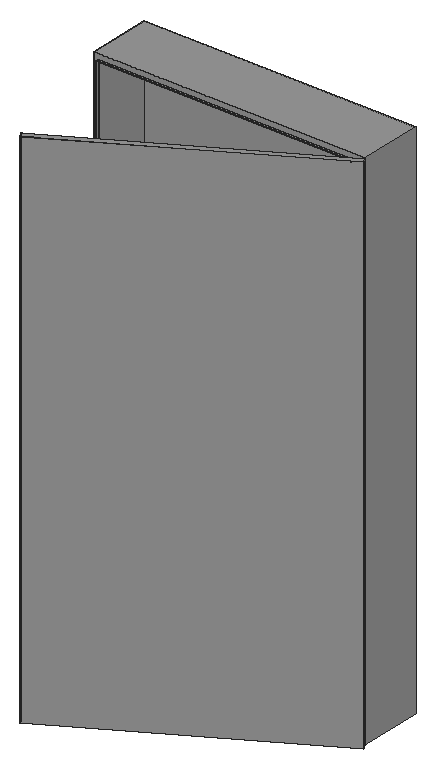
Revit family "Hager-Univers-IP54-D205-H1550-Cl.I-encl-NoHosted-DE-de", category Equipement électrique, Revit 2020
Family settings
  Configuration du panneau = Deux colonnes, circuits au sein
  Cote de connecteur circulaire = Utiliser le diamètre
  Type d'élément = Tableau de raccordement
  Basée sur le plan de construction = Oui
  Toujours verticalement = Oui
  Couper avec des vides une fois chargée = Non
  Partagée = Non
  Point de calcul de pièce = Non
Parameters (values of type "Aufputz IP54 B800 H1550 T205  - FP03TW2")
  Width Control [instance] = if([EF000008 - Breite] > Min Width, [EF000008 - Breite], Min Width)  # 800 mm
  Commentaires du type = [HG000003 - Bereich]  # "Univers"
  Thickness Door [instance] = if([EF009171 - Materialstärke Tür/Deckel] > 3 mm, 3 mm, [EF009171 - Materialstärke Tür/Deckel])  # 1 mm
  Seal Frame Offset [instance] = 17 mm  # constant formula
  Plinth Visibility [instance] = [HG000027 - Sockelhöhe] > 0 mm  # no
  Min Width [instance] = 100 mm  # constant formula
  Min Depth [instance] = (2 * [EF009170 - Materialstärke Gehäuse]) + 1 mm  # 3 mm
  Min Height [instance] = 100 mm  # constant formula
  Internal Frame Depth [instance] = (Door System Depth * 0.5)  # 9 mm
  Panel Name [instance] = ""  # (empty or 0)
  Model = ""
  HG000027 - Sockelhöhe = 0 mm
  HG000026 - Stehend auf dem Boden = no
  HG000024 - Höhe des unteren Teils = 600 mm
  HG000023 - Gehäuse mit doppeltem Querschnitt = no
  HG000016 - 3D-Türsichtbarkeit [instance] = yes
  HG000015 - Sichtbarkeit der Türöffnung [instance] = no
  HG000014 - Tür rechts [instance] = yes
  HG000013 - Tür links [instance] = not([HG000014 - Tür rechts])  # no
  HG000012 - Türschwenkwinkel [instance] = 30.00°
  HG000010 - Asymmetrische Türen = no
  HG000009 - Doppelflügeligen Tür = no
  HG000006 - Unterputz = no
  HG000004 - Herstellerreferenz = "FP03TW2"
  HG000003 - Bereich = "Univers"
  HG000002 - Mit tür = yes
  Frame Offset Bottom [instance] = 10 mm  # constant formula
  Frame Offset [instance] = 15 mm  # constant formula
  EF015940 - Deckel mit Überdruckentlastung = no
  EF011959 - Schutzart (NEMA) = ""
  EF009554 - Anzahl der Öffnungen für Flanschplatten = 6
  EF009212 - Ausführung Deckel = "EV000116 - geschlossen"
  EF009171 - Materialstärke Tür/Deckel = 1 mm
  EF009170 - Materialstärke Gehäuse = 1 mm
  EF008873 - Nennstrom (In) = 250 A
  EF007800 - Geeignet für Blitzschutz = no
  EF006306 - Mit Schloss = no
  EF006244 - Transparenter Deckel/Tür = no
  EF005474 - Schutzart (IP) = "EV006419 - IP54"
  EF004464 - Art der Tür = "EV002646 - Einzel"
  EF004427 - Anzahl der Module = 360
  EF004293 - Schlagfestigkeit = "EV006815 - IK09"
  EF003532 - Geeignet für Außengebrauch = no
  EF002950 - Breite in Teilungseinheiten = 36
  EF001613 - Funktionserhalt = "EV000494 - ohne"
  EF001596 - Werkstoff des Gehäuses = "EV000179 - Stahl"
  EF001131 - Innentiefe = 205 mm
  EF001088 - Anbaumöglichkeit = yes
  EF000437 - Anzahl der Leitungseinführungen = 6
  EF000339 - Art der Abdeckung = "EV001012 - Deckel"
  EF000266 - Anzahl der Reihen = 10
  EF000218 - Einbautiefe = 205 mm
  EF000118 - Mit Montageplatte = no
  EF000116 - RAL-Nummer = "9010"
  EF000049 - Tiefe = 205 mm
  EF000040 - Höhe = 1550 mm
  EF000008 - Breite = 800 mm
  EF000007 - Farbe = "EV000202 - weiß"
  EF000003 - Montageart = "EV000384 - Aufputz"
  Door System Leaf Tolerance [instance] = 1.5 mm  # constant formula
  Door System Depth [instance] = 18 mm  # constant formula
  Door Height [instance] = Height Control - [HG000027 - Sockelhöhe]  # 1550 mm
  Description = ""
  Default Elevation = 1219.2 mm
  Connector Offset [instance] = Height Control / 2  # 775 mm
  Fabricant = "Hager"  # constant formula
  Height Control [instance] = if([EF000040 - Höhe] > Min Height, [EF000040 - Höhe], Min Height)  # 1550 mm
  Depth Control [instance] = if([EF000049 - Tiefe] > Min Depth, [EF000049 - Tiefe], Min Depth)  # 205 mm
  Bottom Top Plate Trim [instance] = 1.5 mm  # constant formula
  Plinth height Ctrl [instance] = if([HG000027 - Sockelhöhe] > 0 mm, [HG000027 - Sockelhöhe], 12 mm)  # 12 mm
Types (7, lengths in mm): name | Width Control | HG000009 - Doppelflügeligen Tür | HG000004 - Herstellerreferenz | EF009554 - Anzahl der Öffnungen für Flanschplatten | EF008873 - Nennstrom (In) | EF004464 - Art der Tür | EF004427 - Anzahl der Module | EF002950 - Breite in Teilungseinheiten | EF000437 - Anzahl der Leitungseinführungen | EF000008 - Breite
  Aufputz IP54 B1300 H1550 T205  - FP05TW2 | 1300 | yes | "FP05TW2" | 10 | 400 A | "EV003602 - Doppel" | 600 | 60 | 10 | 1300
  Aufputz IP54 B300 H1550 T205  - FP01TW | 300 | no | "FP01TW" | 2 | 250 A | "EV002646 - Einzel" | 120 | 12 | 2 | 300
  Aufputz IP54 B300 H1550 T205  - FP01TW2 | 300 | no | "FP01TW2" | 2 | 250 A | "EV002646 - Einzel" | 120 | 12 | 2 | 300
  Aufputz IP54 B550 H1550 T205  - FP02TW | 550 | no | "FP02TW" | 4 | 250 A | "EV002646 - Einzel" | 240 | 24 | 4 | 550
  Aufputz IP54 B550 H1550 T205  - FP02TW2 | 550 | no | "FP02TW2" | 4 | 250 A | "EV002646 - Einzel" | 240 | 24 | 4 | 550
  Aufputz IP54 B800 H1550 T205  - FP03TW | 800 | no | "FP03TW" | 6 | 250 A | "EV002646 - Einzel" | 360 | 36 | 6 | 800
  Aufputz IP54 B800 H1550 T205  - FP03TW2 | 800 | no | "FP03TW2" | 6 | 250 A | "EV002646 - Einzel" | 360 | 36 | 6 | 800
Reference planes
  plane 1 "Center (Front/Back)": y = 0
  plane 2: z = 0
  plane 3 "Center (Left/Right)": x = 0
  plane 4: y = 0
  plane 5: y = 0
  plane 6: z = 0
  plane 7: x = -400
  plane 8: x = 400
  plane 9: x = 399
  plane 10: x = -399
  plane 11: z = 0
  plane 12: z = 1
  plane 13: y = -205
  plane 14: y = -1
  plane 15: x = 0
  plane 16: y = -187
  plane 17: y = -204
  plane 18: y = -186
  plane 19: x = -384
  plane 20: x = 384
  plane 21: z = 11
  plane 22: x = -383
  plane 23: x = 383
  plane 24: z = 0
  plane 25: z = 1550
  plane 26: z = 1550
  plane 27: z = 1534
  plane 28: z = 1549
Forms (mm)
  Extrusion 1, solid, material "Hager_Steel_RAL7035_Light_Grey", detail levels medium+fine
    sketch origin (-208.679, -4572, 0) x (-1, 0, 0) y (0, -1, 0)
      loop
        line (191.321, -4385) -> (-608.679, -4385) -> (-608.679, -4572) -> (191.321, -4572) -> (191.321, -4385)
    from 0 to 1550
  Extrusion 2, void
    sketch origin (-350.771, -205, 1219.2) x (1, 0, 0) y (0, 0, 1)
      loop
        line (-48.229, 329.8) -> (-48.229, -1218.2) -> (749.771, -1218.2) -> (749.771, 329.8) -> (-48.229, 329.8)
    from -19 to -204
  Extrusion 3, void
    sketch origin (-290.084, -187, 1219.2) x (1, 0, 0) y (0, 0, 1)
      loop
        line (-93.916, -1208.2) -> (674.084, -1208.2) -> (674.084, 314.8) -> (-93.916, 314.8) -> (-93.916, -1208.2)
    from 0 to -1
  Extrusion 4, solid, material "Hager_Steel_RAL7035_Light_Grey", visible <- "Plinth Visibility", detail levels medium+fine
    sketch origin (0, 0, 0) x (1, 0, 0) y (0, 1, 0)
      loop
        line (-400, 0) -> (-400, -187) -> (400, -187) -> (400, 0) -> (-400, 0)
    from 0 to 12 <- "Plinth height Ctrl"
  Extrusion 5, solid, material "Hager_Steel_RAL7035_Light_Grey", detail levels coarse
    sketch origin (0, 0, 0) x (1, 0, 0) y (0, 1, 0)
      loop
        line (-400, 0) -> (-400, -205) -> (400, -205) -> (400, 0) -> (-400, 0)
    from 0 to 1550 <- "Height Control"
  Sweep 6, void
    path in 3D
      loop
        line (-400, -187, 12) -> (400, -187, 12) -> (400, 0, 12) -> (-400, 0, 12) -> (-400, -187, 12)
    profile origin (-400, -93.5, 12) x (1, 0, 0) y (0, 0, 1)
      loop
        line (0, 0) -> (0, -1.5) -> (1.5, -1.5)
        arc (1.5, -1.5) -> (1.061, -0.439) -> (0, 0) r 1.5
  Extrusion 7, solid, material "Hager_Steel_RAL7035_Light_Grey", detail levels fine
    sketch origin (-400, -187, 0) x (1, 0, 0) y (0, 0, 1)
      loop
        line (16, 11) -> (784, 11) -> (784, 1534) -> (16, 1534) -> (16, 11)
      loop
        line (15, 10) -> (785, 10) -> (785, 1535) -> (15, 1535) -> (15, 10)
    from 0 to 9 <- "Internal Frame Depth"
Cuts and joins
  Extrusion 2, Extrusion 3 cuts Extrusion 1
  Sweep 6 cuts Extrusion 4
Lines and regions (mm)
  Masking region 1
    outline origin (0, 0, 0) x (1, 0, 0) y (0, 1, 0)
      loop
        line (-400, 0) -> (-400, -205) -> (400, -205) -> (400, 0) -> (-400, 0)
  Masking region 2, detail levels coarse
    outline origin (-290.084, -187, 1219.2) x (-1, 0, 0) y (0, 0, 1)
      loop
        line (-690.084, -1219.2) -> (109.916, -1219.2) -> (109.916, 330.8) -> (-690.084, 330.8) -> (-690.084, -1219.2)
  Masking region 3, detail levels coarse
    outline origin (0, 0, 0) x (0, 1, 0) y (0, 0, 1)
      loop
        line (0, 0) -> (0, 1550) -> (-205, 1550) -> (-205, 0) -> (0, 0)
  Masking region 4, visible <- "Plinth Visibility", detail levels medium+fine
    outline origin (0, 0, 0) x (0, 1, 0) y (0, 0, 1)
      loop
        line (-1.5, 12) -> (-185.5, 12)
        arc (-185.5, 12) -> (-185.939, 10.939) -> (-187, 10.5) r 1.5
        line (-187, 10.5) -> (-187, 0) -> (0, 0) -> (0, 10.5)
        arc (0, 10.5) -> (-1.061, 10.939) -> (-1.5, 12) r 1.5
  Masking region 5, detail levels medium+fine
    outline origin (0, 0, 594.038) x (0, 1, 0) y (0, 0, 1)
      loop
        line (0, -594.038) -> (0, 955.962) -> (-187, 955.962) -> (-187, -594.038) -> (0, -594.038)
  Masking region 6, detail levels medium+fine
    outline origin (-359.7, -187, 1211.883) x (-1, 0, 0) y (0, 0, 1)
      loop
        line (-759.7, -1211.883) -> (40.3, -1211.883) -> (40.3, 338.117) -> (-759.7, 338.117) -> (-759.7, -1211.883)
  Masking region 7, visible <- "Plinth Visibility", detail levels medium+fine
    outline origin (-320.334, -187, 1041.368) x (-1, 0, 0) y (0, 0, 1)
      loop
        line (-720.334, -1041.368) -> (79.666, -1041.368) -> (79.666, -1030.868)
        arc (79.666, -1030.868) -> (78.606, -1030.429) -> (78.166, -1029.368) r 1.5
        line (78.166, -1029.368) -> (-718.834, -1029.368)
        arc (-718.834, -1029.368) -> (-719.273, -1030.429) -> (-720.334, -1030.868) r 1.5
        line (-720.334, -1030.868) -> (-720.334, -1041.368)
  sketch lines
    curve 1: line (-400, 0, 12) -> (-400, -187, 12)
    curve 2: line (-400, -187, 12) -> (400, -187, 12)
    curve 3: line (400, 0, 12) -> (-400, 0, 12)
    curve 4: line (400, -187, 12) -> (400, 0, 12)
Dimensions and locks
  locked: plane 1 "Center (Front/Back)" to plane 5
  "EF009170 - Materialstärke Gehäuse": plane 7 to plane 10
  "EF009170 - Materialstärke Gehäuse": plane 8 to plane 9
  equal spacing: plane 7, plane 3 "Center (Left/Right)", plane 8
  "Width Control": plane 7 to plane 8
  "Depth Control": plane 4 to plane 13
  "EF009170 - Materialstärke Gehäuse": plane 4 to plane 14
  "Height Control": plane 25 to level
  "HG000027 - Sockelhöhe": plane 11 to level
  "EF009170 - Materialstärke Gehäuse": plane 12 to plane 11
  "EF009170 - Materialstärke Gehäuse": plane 17 to plane 13
  "EF009170 - Materialstärke Gehäuse": plane 18 to plane 16
  "Frame Offset Bottom": plane 21 to plane 12
  "Frame Offset": plane 10 to plane 19
  "Frame Offset": plane 9 to plane 20
  "Door System Depth": plane 16 to plane 13
  "Seal Frame Offset": plane 7 to plane 22
  "Seal Frame Offset": plane 8 to plane 23
  "EF009170 - Materialstärke Gehäuse": plane 26 to plane 28
  "Frame Offset": plane 28 to plane 27
  "Connector Offset": plane 2 to connector elem
  "Bottom Top Plate Trim": profile plane to Sweep 6 sketch curve
  "Bottom Top Plate Trim": Sweep 6 sketch curve to Sweep 6 sketch curve
  "Plinth height Ctrl": Masking region 4 sketch curve to level
  "Plinth height Ctrl": Masking region 7 sketch curve to level
  "Thickness Door": Extrusion 7 sketch curve to Extrusion 7 sketch curve  (x4)
  "Bottom Top Plate Trim": radius of Sweep 6 sketch curve
  "Bottom Top Plate Trim": radius of Masking region 4 sketch curve  (x2)
  "Bottom Top Plate Trim": radius of Masking region 7 sketch curve  (x2)
  aligned and locked: Extrusion 2 sketch curve to plane 12
  aligned and locked: Extrusion 2 sketch curve to plane 9
  aligned and locked: Extrusion 2 sketch curve to plane 10
  aligned and locked: Extrusion 2 to plane 14
  aligned and locked: Extrusion 1 sketch curve to plane 4
  aligned and locked: plane 8 to Extrusion 1 sketch curve
  aligned and locked: plane 7 to Extrusion 1 sketch curve
  aligned and locked: Extrusion 2 to plane 18
  aligned and locked: Extrusion 3 sketch curve to plane 19
  aligned and locked: plane 20 to Extrusion 3 sketch curve
  aligned and locked: Extrusion 3 to Extrusion 2
  aligned and locked: Extrusion 3 sketch curve to plane 21
  aligned and locked: plane 3 "Center (Left/Right)" to nested 1
  aligned and locked: Extrusion 1 sketch curve to plane 16
  aligned and locked: Extrusion 4 sketch curve to cut or joined group of Extrusion 1, Extrusion 2, Extrusion 3
  aligned and locked: Masking region 1 sketch curve to plane 7
  aligned and locked: Masking region 1 sketch curve to plane 5
  aligned and locked: Masking region 1 sketch curve to plane 8
  aligned and locked: Masking region 2 sketch curve to level
  aligned and locked: level to Masking region 3 sketch curve
  aligned and locked: plane 1 "Center (Front/Back)" to Masking region 3 sketch curve
  aligned and locked: plane 13 to Masking region 3 sketch curve
  aligned and locked: plane 5 to Masking region 4 sketch curve
  aligned and locked: Masking region 2 sketch curve to plane 8
  aligned and locked: Masking region 2 sketch curve to plane 7
  aligned and locked: plane 7 to nested 2
  aligned and locked: nested 2 to plane 5
  aligned and locked: plane 5 to Masking region 5 sketch curve
  aligned and locked: plane 26 to Masking region 5 sketch curve
  aligned and locked: Extrusion 5 sketch curve to plane 8
  aligned and locked: Extrusion 5 sketch curve to plane 7
  aligned and locked: Extrusion 5 sketch curve to plane 5
  aligned and locked: Extrusion 3 sketch curve to plane 27
  aligned and locked: Extrusion 2 sketch curve to plane 28
  aligned and locked: Masking region 2 to plane 25
  aligned and locked: Extrusion 4 to plane 16
  aligned and locked: profile plane to Sweep 6 sketch curve
  aligned and locked: Masking region 5 sketch curve to plane 24
  aligned and locked: level to Masking region 4 sketch curve
  aligned and locked: Masking region 1 to plane 13
  aligned and locked: nested 1 to plane 16
  aligned and locked: Masking region 3 to plane 25
  aligned and locked: plane 16 to Masking region 4 sketch curve
  aligned and locked: Masking region 5 sketch curve to plane 16
  aligned and locked: plane 24 to plane 11
  aligned and locked: plane 26 to plane 25
  aligned and locked: plane 26 to cut or joined group of Extrusion 1, Extrusion 2, Extrusion 3
  aligned and locked: nested 1 to plane 24
  aligned and locked: Extrusion 1 to Extrusion 3
  aligned and locked: Masking region 6 sketch curve to plane 8
  aligned and locked: Masking region 6 sketch curve to plane 24
  aligned and locked: Masking region 6 sketch curve to plane 7
  aligned and locked: Masking region 6 sketch curve to plane 26
  aligned and locked: Masking region 7 sketch curve to plane 7
  aligned and locked: level to Masking region 7 sketch curve
  aligned and locked: Masking region 7 sketch curve to plane 8
  aligned and locked: Extrusion 7 sketch curve to cut or joined group of Extrusion 1, Extrusion 2, Extrusion 3  (x4)
Automatic sketch dimensions
  plane 19 to Extrusion 3 sketch curve = 0 mm
  Extrusion 3 sketch curve to plane 20 = 0 mm
  Extrusion 3 sketch curve to plane 21 = 0 mm
  Extrusion 4 sketch curve to plane 7 = 0 mm
  Extrusion 4 sketch curve to plane 8 = 0 mm
  Extrusion 4 sketch curve to plane 16 = 0 mm
  Masking region 1 sketch curve to plane 13 = 0 mm
  Masking region 2 sketch curve to plane 25 = 0 mm
  Masking region 3 sketch curve to plane 25 = 0 mm
  Extrusion 5 sketch curve to plane 13 = 0 mm
  profile plane to Sweep 6 sketch curve = 0 mm
Nested families
  nested 1: "EC000058_Univers_Door" at (0, -187, 0), Double <- "HG000009 - Doppelflügeligen Tür", Transparent <- "EF006244 - Transparenter Deckel/Tür", Angle <- "HG000012 - Türschwenkwinkel", Door_Right <- "HG000014 - Tür rechts", Assymetrical <- "HG000010 - Asymmetrische Türen", Door <- "HG000002 - Mit tür", Width_Ctrl <- "Width Control", 3d_Door <- "HG000016 - 3D-Türsichtbarkeit", Clearance <- "HG000015 - Sichtbarkeit der Türöffnung", Door_Left <- "HG000013 - Tür links", Width <- "Width Control", Door_Depth <- "Door System Depth", Leaf_Tolerance <- "Door System Leaf Tolerance", Height <- "Door Height", Lock_Visibility <- "EF006306 - Mit Schloss", Thickness <- "Thickness Door", type "EC000058_Univers_Door", detail levels medium+fine
    with min_wh 3 mm, Width_Ctrl 800 mm, Width 800 mm, Transparent no, Thickness 1 mm, Seal_Material Hager_Rubber, Lock_Visibility no, Lock_Material Hager_Plastic_RAL9005_Jet_Black, Leaf_Width 800 mm, Leaf_Tolerance_External_Sides 0 mm, Leaf_Tolerance 1.5 mm, Leaf_Offset 0 mm, Leaf_Height 1547 mm, Leaf_2_Width 800 mm, Leaf_2_Offset 400 mm, Leaf_1_Width 800 mm, Leaf_1_Offset 400 mm, Height_Ctrl 1550 mm, Height 1550 mm, Glass_Material Hager_Glass, Double_Clearance_Ctrl no, Double no, Door_Right_Ctrl yes, Door_Right yes, Door_Material Hager_Steel_RAL7035_Light_Grey, Door_Left_Ctrl no, Door_Left no, Door_Depth 18 mm, Door yes, Clearance_Material Hager_Clearance, Clearance_Depth 800 mm, Clearance_Ctrl no, Clearance no, Assymetrical no, Angle 30.00°, 3d_Door yes
  nested 2: "Hager_Enclosure_Symbol" at (-400, 0, 0), Height <- "Depth Control", Width <- "Width Control", type "Hager_Enclosure_Symbol"
    with Width_Ctrl 800 mm, Width 800 mm, Height_Ctrl 205 mm, Height 205 mm, A_Width_Int 13.453 mm, A_Width 161.438 mm, A_Height_Ctrl 179.375 mm, A_Height 179.375 mm
Connectors
  electrical at (0, 0, 775)
    settings: on plane 1 "Center (Front/Back)", index 1, voltage 0 V, apparent load 0 VA, apparent load phase1 0 VA, apparent load phase2 0 VA, apparent load phase3 0 VA, power factor 1, load classification "Other", number of poles 1, system type 30, power factor state 1, is connector primary yes, connector utility no, sub classification motor no, connector description ""
Definition of nested family "EC000058_Univers_Door"
  Parameters (values of type "EC000058_Univers_Door")
    min_wh [instance] = (2 * Thickness) + 1 mm  # 11 mm
    Width_Ctrl [instance] = 400 mm
    Width [instance] = 500 mm
    Transparent [instance] = yes
    Thickness [instance] = 5 mm
    Seal_Material [instance] = none
    Lock_Visibility [instance] = yes
    Lock_Material [instance] = none
    Leaf_Width [instance] = if((Width_Ctrl - 2 * Leaf_Tolerance_External_Sides) > 0 mm, (Width_Ctrl - 2 * Leaf_Tolerance_External_Sides), min_wh)  # 400 mm
    Leaf_Tolerance_External_Sides [instance] = 0 mm  # constant formula
    Leaf_Tolerance [instance] = 1.5 mm
    Leaf_Offset [instance] = 0 mm  # constant formula
    Leaf_Height [instance] = if((Height_Ctrl - 2 * Leaf_Tolerance) > 0 mm, (Height_Ctrl - 2 * Leaf_Tolerance), min_wh)  # 497 mm
    Leaf_2_Width [instance] = if(and(and(Double, Assymetrical), Door_Left), (Leaf_Width / 3) - (Leaf_Tolerance / 2), if(and(and(Double, Assymetrical), Door_Right), (Leaf_Width / 3) * 2 - (Leaf_Tolerance / 2), if(and(Double, not(Assymetrical)), (Leaf_Width / 2) - Leaf_Tolerance, Leaf_Width)))  # 400 mm
    Leaf_2_Offset [instance] = if(and(Double, Assymetrical), Leaf_2_Width / 2, if(and(Double, not(Assymetrical)), Leaf_Width / 4, Leaf_Width / 2))  # 200 mm
    Leaf_1_Width [instance] = if(and(and(Double, Assymetrical), Door_Right), (Leaf_Width / 3) - (Leaf_Tolerance / 2), if(and(and(Double, Assymetrical), Door_Left), (Width / 3) * 2 - (Leaf_Tolerance / 2), if(and(Double, not(Assymetrical)), (Leaf_Width / 2) - Leaf_Tolerance, Leaf_Width)))  # 400 mm
    Leaf_1_Offset [instance] = if(and(Double, Assymetrical), Leaf_1_Width / 2, if(and(Double, not(Assymetrical)), Leaf_Width / 4, Leaf_Width / 2))  # 200 mm
    Height_Ctrl [instance] = if(Height > min_wh, Height, min_wh)  # 500 mm
    Height [instance] = 500 mm
    Glass_Material [instance] = none
    Double_Clearance_Ctrl [instance] = and(Double, Clearance)  # no
    Double [instance] = no
    Door_Right_Ctrl [instance] = and(or(Door_Right, Double), Door)  # yes
    Door_Right [instance] = yes
    Door_Material [instance] = none
    Door_Left_Ctrl [instance] = and(or(Door_Left, Double), Door)  # no
    Door_Left [instance] = no
    Door_Depth [instance] = 30 mm
    Door [instance] = yes
    Default Elevation = 1219.2 mm
    Clearance_Material [instance] = none
    Clearance_Depth [instance] = if(Leaf_1_Width > Leaf_2_Width, Leaf_1_Width, Leaf_2_Width)  # 400 mm
    Clearance_Ctrl [instance] = and(not(Double), Clearance)  # yes
    Clearance [instance] = yes
    Assymetrical [instance] = yes
    Angle [instance] = 30.00°
    3d_Door [instance] = yes
  Reference planes
    plane 1 "Center (Front/Back)": y = 0
    plane 2 "Bottom": z = 0
    plane 3 "Center (Left/Right)": x = 0
    plane 4: z = 500
    plane 5: x = -200
    plane 6: x = 200
    plane 7: z = 500
    plane 8: x = -200
    plane 9: z = 0
    plane 10: x = 200
    plane 11: y = 0
    plane 12: z = 1.5
    plane 13: x = -600
    plane 14: y = -400
    plane 15: x = 600
    plane 16: x = 0
    plane 17: x = 0
    plane 18: x = -200
    plane 19: x = 200
    plane 20: z = 498.5
  Forms (mm)
    Extrusion 1, solid, material <- "Clearance_Material", visible <- "Double_Clearance_Ctrl"
      sketch origin (1200, 0, 0) x (1, 0, 0) y (0, 0, -1)
        loop
          line (-1800, -498.5) -> (-600, -498.5) -> (-600, 0) -> (-1800, 0) -> (-1800, -498.5)
      from 0 to -400
  Dimensions and locks
    equal spacing: plane 5, plane 3 "Center (Left/Right)", plane 6
    "Width_Ctrl": plane 5 to plane 6
    "Leaf_Offset": plane 5 to plane 8
    "Leaf_Offset": plane 6 to plane 10
    "Leaf_Offset": plane 9 to level
    "Leaf_Offset": plane 4 to plane 7
    "Height_Ctrl": plane 4 to level
    "Leaf_Tolerance": plane 12 to plane 9
    locked: plane 11 to plane 1 "Center (Front/Back)"
    "Leaf_1_Offset": plane 18 to plane 16
    "Leaf_2_Offset": plane 17 to plane 19
    "Leaf_1_Width": plane 13 to plane 8
    "Leaf_2_Width": plane 10 to plane 15
    "Clearance_Depth": plane 14 to plane 1 "Center (Front/Back)"
    "Leaf_Tolerance_External_Sides": plane 8 to plane 18
    "Leaf_Tolerance_External_Sides": plane 19 to plane 10
    "Leaf_Tolerance": plane 7 to plane 20
    aligned and locked: level to plane 2 "Bottom"
    aligned and locked: nested 1 to plane 16
    aligned and locked: nested 2 to plane 17
    aligned and locked: Extrusion 1 to plane 13
    aligned and locked: plane 15 to Extrusion 1
    aligned and locked: Extrusion 1 to plane 14
    aligned and locked: plane 12 to nested 1
    aligned and locked: nested 2 to plane 12
    aligned and locked: Extrusion 1 to plane 11
    aligned and locked: plane 20 to Extrusion 1
    aligned and locked: nested 2 to plane 11
    aligned and locked: nested 1 to plane 11
  Automatic sketch dimensions
    Extrusion 1 sketch curve to level = 0 mm
    plane 5 to Extrusion 1 sketch curve = 400 mm
    plane 6 to Extrusion 1 sketch curve = 400 mm
    Extrusion 1 sketch curve to plane 4 = 1.5 mm
  Nested families
    nested 1: "EC000058_Univers_Door_Leaf" at (0, 0, 1.5), Width <- "Leaf_1_Width", visible <- "Door_Left_Ctrl", Leaf_Height <- "Leaf_Height", Angle <- "Angle", 3d_Door <- "3d_Door", Transparent <- "Transparent", Clearance Material <- "Clearance_Material", Clearance <- "Clearance_Ctrl", Door_Material <- "Door_Material", Glass_Material <- "Glass_Material", Door_Depth <- "Door_Depth", Lock_Material <- "Lock_Material", Seal_Material <- "Seal_Material", Lock_Visibility <- "Lock_Visibility", Thickness <- "Thickness", type "EC000058_Univers_Door_Leaf"
      with Width 400 mm, Transparent_Glass_Offset 30 mm, Transparent_Ctrl yes, Transparent yes, Thickness 5 mm, Standard no, Seal_Material none, Seal_D2 8 mm, Seal_D1 1 mm, Offset_Internal_Frame 10 mm, Lock_Width 20 mm, Lock_Visibility_3d yes, Lock_Visibility yes, Lock_Thickness_3 3 mm, Lock_Thickness_2 1 mm, Lock_Thickness_1 3 mm, Lock_Radius_Offset_2 16 mm, Lock_Radius_Offset_1 15 mm, Lock_Radius_2 5 mm, Lock_Radius 6 mm, Lock_Offset 5 mm, Lock_Material none, Lock_Height 80 mm, Lock_Cover_Top_Offset_2d 17 mm, Lock_Cover_Height -65 mm, Leaf_Height 497 mm, Internal_Seal_Thickness 8 mm, Internal_Seal_Depth_2 4.5 mm, Internal_Frame_Depth 25 mm, Glass_Thickness -1 mm, Glass_Offset -2 mm, Glass_Material none, Door_Material none, Door_Depth 30 mm, Clearance Material none, Clearance yes, Angle_Ctrl 30.00°, Angle 30.00°, 3d_Door yes
    nested 2: "EC000058_Univers_Door_Leaf" at (0, 0, 1.5) x (-1, 0, 0) z (0, 0, 1), Width <- "Leaf_2_Width", visible <- "Door_Right_Ctrl", Leaf_Height <- "Leaf_Height", Angle <- "Angle", 3d_Door <- "3d_Door", Transparent <- "Transparent", Clearance Material <- "Clearance_Material", Clearance <- "Clearance_Ctrl", Door_Material <- "Door_Material", Glass_Material <- "Glass_Material", Door_Depth <- "Door_Depth", Lock_Material <- "Lock_Material", Seal_Material <- "Seal_Material", Lock_Visibility <- "Lock_Visibility", Thickness <- "Thickness", type "EC000058_Univers_Door_Leaf"
      with Width 400 mm, Transparent_Glass_Offset 30 mm, Transparent_Ctrl yes, Transparent yes, Thickness 5 mm, Standard no, Seal_Material none, Seal_D2 8 mm, Seal_D1 1 mm, Offset_Internal_Frame 10 mm, Lock_Width 20 mm, Lock_Visibility_3d yes, Lock_Visibility yes, Lock_Thickness_3 3 mm, Lock_Thickness_2 1 mm, Lock_Thickness_1 3 mm, Lock_Radius_Offset_2 16 mm, Lock_Radius_Offset_1 15 mm, Lock_Radius_2 5 mm, Lock_Radius 6 mm, Lock_Offset 5 mm, Lock_Material none, Lock_Height 80 mm, Lock_Cover_Top_Offset_2d 17 mm, Lock_Cover_Height -65 mm, Leaf_Height 497 mm, Internal_Seal_Thickness 8 mm, Internal_Seal_Depth_2 4.5 mm, Internal_Frame_Depth 25 mm, Glass_Thickness -1 mm, Glass_Offset -2 mm, Glass_Material none, Door_Material none, Door_Depth 30 mm, Clearance Material none, Clearance yes, Angle_Ctrl 30.00°, Angle 30.00°, 3d_Door yes
  Definition of nested family "EC000058_Univers_Door_Leaf"
    Parameters (values of type "EC000058_Univers_Door_Leaf")
      Width [instance] = 2000 mm
      Transparent_Glass_Offset [instance] = 30 mm
      Transparent_Ctrl [instance] = and(Transparent, [3d_Door])  # yes
      Transparent [instance] = yes
      Thickness [instance] = 5 mm
      Standard [instance] = and(not(Transparent), [3d_Door])  # no
      Seal_Material [instance] = none
      Seal_D2 [instance] = 8 mm  # constant formula
      Seal_D1 [instance] = 1 mm  # constant formula
      Offset_Internal_Frame [instance] = 10 mm  # constant formula
      Lock_Width [instance] = 20 mm  # constant formula
      Lock_Visibility_3d [instance] = and(Lock_Visibility, [3d_Door])  # yes
      Lock_Visibility [instance] = yes
      Lock_Thickness_3 [instance] = 3 mm  # constant formula
      Lock_Thickness_2 [instance] = 1 mm  # constant formula
      Lock_Thickness_1 [instance] = 3 mm  # constant formula
      Lock_Radius_Offset_2 [instance] = Lock_Radius_Offset_1 + 1 mm  # 16 mm
      Lock_Radius_Offset_1 [instance] = 15 mm  # constant formula
      Lock_Radius_2 [instance] = Lock_Radius - 1 mm  # 5 mm
      Lock_Radius [instance] = 6 mm  # constant formula
      Lock_Offset [instance] = 5 mm  # constant formula
      Lock_Material [instance] = none
      Lock_Height [instance] = 80 mm  # constant formula
      Lock_Cover_Top_Offset_2d [instance] = Lock_Radius_Offset_2 + 1 mm  # 17 mm
      Lock_Cover_Height [instance] = -(Lock_Height - Lock_Radius_Offset_1)  # -65 mm
      Leaf_Height [instance] = 2720.336 mm
      Internal_Seal_Thickness [instance] = 8 mm  # constant formula
      Internal_Seal_Depth_2 [instance] = 4.5 mm  # constant formula
      Internal_Frame_Depth [instance] = if(Door_Depth - Thickness > 5 mm, Door_Depth - Thickness, 5 mm)  # 25 mm
      Glass_Thickness [instance] = if(Thickness > 15 mm, Glass_Offset + 10 mm, -1 mm)  # -1 mm
      Glass_Offset [instance] = if(Thickness > 15 mm, -(Thickness + 10 mm) / 2, -2 mm)  # -2 mm
      Glass_Material [instance] = none
      Door_Material [instance] = none
      Door_Depth [instance] = 30 mm
      Default Elevation = 0 mm
      Clearance Material [instance] = none
      Clearance [instance] = yes
      Angle_Ctrl [instance] = if(Angle > 180.00°, 180.00°, Angle)  # 90.00°
      Angle [instance] = 90.00°
      3d_Door [instance] = yes
    Reference planes
      plane 1 "Center (Front/Back)": y = 0
      plane 2: z = 0
      plane 3 "Center (Left/Right)": x = 0
      plane 4: y = 2000
      plane 5: x = -1000
      plane 6: x = 1000
      plane 7: x = -3000
      plane 8: z = 2720.336
      plane 9: z = 30
      plane 10: z = 2690.336
      plane 11: x = 970
      plane 12: x = -970
      plane 13: y = -3
      plane 14: z = 107.833
      plane 15: y = -5
      plane 16: y = -223.314
      plane 17: x = -1000
      plane 18: z = 1360.168
      plane 19: y = 30
    Forms (mm)
      Extrusion 1, solid, material <- "Clearance Material", visible <- "Clearance"
        sketch origin (0, 0, 0) x (1, 0, 0) y (0, 0, 1)
          loop
            line (-3000, 2720.336) -> (-3000, 0) -> (1000, 0) -> (1000, 2720.336) -> (-3000, 2720.336)
        from 0 to -2000
      Extrusion 2, solid, material <- "Door_Material", visible <- "Standard", detail levels medium+fine
        sketch origin (-1000, 0, 0) x (0, 1, 0) y (-1, 0, 0)
          loop
            line (0, 30) -> (0, 25) -> (2000, 25) -> (2000, 30) -> (0, 30)
        from 0 to 2720.336 <- "Leaf_Height"
      Extrusion 3, solid, material <- "Door_Material", visible <- "Transparent_Ctrl", detail levels medium+fine
        sketch origin (-1000, 0, 0) x (0, 1, 0) y (-1, 0, 0)
          loop
            line (0, 25) -> (2000, 25) -> (2000, 30) -> (0, 30) -> (0, 25)
        from 0 to 2720.336 <- "Leaf_Height"
      Extrusion 4, void
        sketch origin (-1025, 2000, 0) x (0, 1, 0) y (0, 0, -1)
          loop
            line (-30, -2690.336) -> (-30, -30) -> (-1970, -30) -> (-1970, -2690.336) -> (-30, -2690.336)
        from 0 to 5 <- "Thickness"
      Sweep 5, solid, material <- "Seal_Material", visible <- "Transparent_Ctrl", detail levels fine
        path in 3D
          loop
            line (-1025, 30, 30) -> (-1025, 30, 2690.336) -> (-1025, 1970, 2690.336) -> (-1025, 1970, 30) -> (-1025, 30, 30)
        profile origin (-1025, 1000, 30) x (1, 0, 0) y (0, 0, 1)
          loop
            line (0, 0) -> (0, -8) -> (1, -8) -> (1, 0) -> (0, 0)
      Extrusion 6, solid, material <- "Glass_Material", visible <- "Transparent_Ctrl", detail levels medium+fine
        sketch origin (-1030, 0, 0) x (0, 1, 0) y (0, 0, -1)
          loop
            line (1970, -2690.336) -> (1970, -30) -> (30, -30) -> (30, -2690.336) -> (1970, -2690.336)
        from -2 <- "Glass_Offset" to -1 <- "Glass_Thickness"
      Extrusion 7, solid, material <- "Door_Material", visible <- "3d_Door", detail levels medium+fine
        sketch origin (-1025, 2000, 0) x (0, -1, 0) y (0, 0, -1)
          loop
            line (0, -2720.336) -> (2000, -2720.336) -> (2000, 0) -> (0, 0) -> (0, -2720.336)
          loop
            line (1995, -5) -> (5, -5) -> (5, -2715.336) -> (1995, -2715.336) -> (1995, -5)
        from 0 to 25 <- "Internal_Frame_Depth"
      Sweep 8, solid, material <- "Seal_Material", visible <- "Transparent_Ctrl", detail levels fine
        path in 3D
          loop
            line (-1025, 0, 0) -> (-1025, 2000, 0) -> (-1025, 2000, 2720.336) -> (-1025, 0, 2720.336) -> (-1025, 0, 0)
        profile origin (-1025, 0, 1360.168) x (1, 0, 0) y (0, 1, 0)
          loop
            line (0, 10) -> (2.975, 10)
            arc (2.975, 10) -> (4.053, 10.447) -> (4.5, 11.525) r 1.525
            line (4.5, 11.525) -> (4.5, 16.527)
            arc (4.5, 16.527) -> (4.069, 17.569) -> (3.027, 18) r 1.473
            line (3.027, 18) -> (0, 18) -> (0, 10)
      Extrusion 9, solid, material <- "Lock_Material", visible <- "Lock_Visibility_3d", detail levels fine
        sketch origin (-1030, 0, 0) x (0, 1, 0) y (0, 0, -1)
          loop
            arc (1993.5, -1400.168) -> (1994.561, -1399.729) -> (1995, -1398.668) r 1.5
            line (1995, -1398.668) -> (1995, -1320.168) -> (1975, -1320.168) -> (1975, -1398.668)
            arc (1975, -1398.668) -> (1975.439, -1399.729) -> (1976.5, -1400.168) r 1.5
            line (1976.5, -1400.168) -> (1993.5, -1400.168)
        from 3 <- "Lock_Thickness_1" to 0
      Blend 10, solid, material <- "Lock_Material", visible <- "Lock_Visibility_3d", detail levels fine
        base sketch origin (-1033, 0, 0) x (0, 1, 0) y (0, 0, -1)
          loop
            line (1975, -1320.168) -> (1975, -1398.668)
            arc (1975, -1398.668) -> (1975.439, -1399.729) -> (1976.5, -1400.168) r 1.5
            line (1976.5, -1400.168) -> (1993.5, -1400.168)
            arc (1993.5, -1400.168) -> (1994.561, -1399.729) -> (1995, -1398.668) r 1.5
            line (1995, -1398.668) -> (1995, -1320.168) -> (1975, -1320.168)
        top sketch origin (-1033, 0, 0) x (0, 1, 0) y (0, 0, -1)
          loop
            line (1976, -1320.168) -> (1976, -1398.668)
            arc (1976, -1398.668) -> (1976.146, -1399.022) -> (1976.5, -1399.168) r 0.5
            line (1976.5, -1399.168) -> (1993.5, -1399.168)
            arc (1993.5, -1399.168) -> (1993.854, -1399.022) -> (1994, -1398.668) r 0.5
            line (1994, -1398.668) -> (1994, -1320.168) -> (1976, -1320.168)
        from 0 to 1 <- "Lock_Thickness_2"
      Blend 11, solid, material <- "Lock_Material", visible <- "Lock_Visibility_3d", detail levels fine
        base sketch origin (-1034, 0, 0) x (0, 1, 0) y (0, 0, -1)
          loop
            line (1978, -1320.168) -> (1978, -1384.168)
            arc (1978, -1384.168) -> (1985, -1391.168) -> (1992, -1384.168) r 7
            line (1992, -1384.168) -> (1992, -1320.168) -> (1978, -1320.168)
        top sketch origin (-1034, 0, 0) x (0, 1, 0) y (0, 0, -1)
          loop
            line (1991, -1320.168) -> (1979, -1320.168) -> (1979, -1383.168)
            arc (1979, -1383.168) -> (1985, -1389.168) -> (1991, -1383.168) r 6
            line (1991, -1383.168) -> (1991, -1320.168)
        from 0 to 3 <- "Lock_Thickness_3"
      Extrusion 12, solid, material <- "Lock_Material", visible <- "Lock_Visibility_3d", detail levels fine
        sketch origin (-1030, 1975, 1320.168) x (1, 0, 0) y (0, -1, 0)
          loop
            line (-7, -19) -> (-7, -1) -> (0, -1) -> (0, 0) -> (-8, 0) -> (-8, -20) -> (0, -20) -> (0, -19) -> (-7, -19)
        from 0 to -65 <- "Lock_Cover_Height"
      Extrusion 13, void
        sketch origin (-1038, 1995, 1320.168) x (-1, 0, 0) y (0, 0, -1)
          loop
            line (-5, -65) -> (0, -65) -> (-5, -60) -> (-5, -65)
        from 0 to 20 <- "Lock_Width"
      Extrusion 14, void
        sketch origin (-1038, 1975, 1320.168) x (0, -1, 0) y (0, 0, -1)
          loop
            circle (-10, -15.995) r 6
          loop
            circle (-10, -15.995) r 5
        from 0 to 2
      Extrusion 15, solid, material <- "Lock_Material", visible <- "Lock_Visibility_3d", detail levels medium
        sketch origin (-1030, 0, 0) x (0, 1, 0) y (0, 0, -1)
          loop
            arc (1993.5, -1400.168) -> (1994.561, -1399.729) -> (1995, -1398.668) r 1.5
            line (1995, -1398.668) -> (1995, -1320.168) -> (1975, -1320.168) -> (1975, -1398.668)
            arc (1975, -1398.668) -> (1975.439, -1399.729) -> (1976.5, -1400.168) r 1.5
            line (1976.5, -1400.168) -> (1993.5, -1400.168)
        from 8 to 0
    Cuts and joins
      Extrusion 4 cuts Extrusion 3
      Extrusion 13, Extrusion 14 cuts Extrusion 9
      Extrusion 14 cuts Blend 11
      Extrusion 13, Extrusion 14 cuts Extrusion 12
      joined: Extrusion 9, Blend 10, Blend 11, Extrusion 12
      Extrusion 14 cuts Extrusion 15
    Lines and regions (mm)
      Masking region 1, visible <- "Lock_Visibility", detail levels fine
        outline origin (0, 0, 0) x (0, 1, 0) y (0, 0, 1)
          loop
            line (30, 1320.168) -> (33, 1320.168) -> (33, 1400.168) -> (30, 1400.168) -> (30, 1320.168)
      Masking region 2, visible <- "Lock_Visibility", detail levels fine
        outline origin (0, 3.143, 0) x (0, 1, 0) y (0, 0, 1)
          loop
            line (29.857, 1354.168) -> (30.857, 1354.168) -> (30.857, 1366.168) -> (29.857, 1366.168) -> (29.857, 1354.168)
      Masking region 3, detail levels medium+fine
        outline origin (0, 0, 0) x (0, 1, 0) y (0, 0, 1)
          loop
            line (0, 0) -> (30, 0) -> (30, 2720.336) -> (0, 2720.336) -> (0, 0)
      Masking region 4, detail levels medium+fine
        outline origin (0, 0, 0) x (1, 0, 0) y (0, 0, 1)
          loop
            line (-1000, 2720.336) -> (-1000, 0) -> (1000, 0) -> (1000, 2720.336) -> (-1000, 2720.336)
      Masking region 5, visible <- "Lock_Visibility", detail levels fine
        outline origin (-47.116, 0, 0) x (1, 0, 0) y (0, 0, 1)
          loop
            arc (1024.616, 1399.168) -> (1023.556, 1398.729) -> (1023.116, 1397.668) r 1.5
            line (1023.116, 1397.668) -> (1023.116, 1320.168) -> (1041.116, 1320.168) -> (1041.116, 1397.668)
            arc (1041.116, 1397.668) -> (1040.677, 1398.729) -> (1039.616, 1399.168) r 1.5
            line (1039.616, 1399.168) -> (1024.616, 1399.168)
      Masking region 6, visible <- "Lock_Visibility", detail levels medium+fine
        outline origin (-25, 0, 0) x (1, 0, 0) y (0, 0, 1)
          loop
            arc (1001.5, 1400.168) -> (1000.439, 1399.729) -> (1000, 1398.668) r 1.5
            line (1000, 1398.668) -> (1000, 1320.168) -> (1020, 1320.168) -> (1020, 1398.668)
            arc (1020, 1398.668) -> (1019.561, 1399.729) -> (1018.5, 1400.168) r 1.5
            line (1018.5, 1400.168) -> (1001.5, 1400.168)
      Masking region 7, visible <- "Lock_Visibility", detail levels fine
        outline origin (-73.735, 0, 0) x (1, 0, 0) y (0, 0, 1)
          loop
            line (1051.735, 1382.168) -> (1065.735, 1382.168) -> (1065.735, 1384.168)
            arc (1065.735, 1384.168) -> (1058.735, 1391.168) -> (1051.735, 1384.168) r 7
            line (1051.735, 1384.168) -> (1051.735, 1382.168)
      Masking region 8, visible <- "Lock_Visibility", detail levels fine
        outline origin (-73.735, 0, 0) x (1, 0, 0) y (0, 0, 1)
          loop
            line (1052.735, 1382.168) -> (1064.735, 1382.168) -> (1064.735, 1383.168)
            arc (1064.735, 1383.168) -> (1058.735, 1389.168) -> (1052.735, 1383.168) r 6
            line (1052.735, 1383.168) -> (1052.735, 1382.168)
      Masking region 9, visible <- "Lock_Visibility", detail levels fine
        outline origin (-25, 0, 0) x (1, 0, 0) y (0, 0, 1)
          loop
            line (1020, 1320.168) -> (1020, 1382.168) -> (1000, 1382.168) -> (1000, 1320.168) -> (1020, 1320.168)
      Masking region 10, detail levels medium+fine
        outline origin (0, 0, 0) x (1, 0, 0) y (0, 0, 1)
          loop
            circle (985, 1335.144) r 6
      Masking region 11, detail levels fine
        outline origin (0, 0, 0) x (1, 0, 0) y (0, 0, 1)
          loop
            circle (985, 1335.144) r 5
      Masking region 12, visible <- "Lock_Visibility", detail levels fine
        outline origin (0, 12.767, 0) x (0, 1, 0) y (0, 0, 1)
          loop
            line (20.233, 1320.168) -> (21.233, 1320.168) -> (21.233, 1399.168) -> (20.233, 1400.168) -> (20.233, 1320.168)
      Masking region 13, visible <- "Lock_Visibility", detail levels fine
        outline origin (0, 13.767, -10) x (0, 1, 0) y (0, 0, 1)
          loop
            line (20.233, 1330.168) -> (23.233, 1330.168) -> (23.233, 1399.168) -> (20.233, 1402.168) -> (20.233, 1330.168)
      Masking region 14, visible <- "Lock_Visibility", detail levels fine
        outline origin (0, 12.767, -10) x (0, 1, 0) y (0, 0, 1)
          loop
            line (20.233, 1330.168) -> (25.233, 1330.168) -> (25.233, 1399.305) -> (20.233, 1394.305) -> (20.233, 1330.168)
      Masking region 15, visible <- "Lock_Visibility", detail levels medium
        outline origin (0, 0, 0) x (0, 1, 0) y (0, 0, 1)
          loop
            line (30, 1320.168) -> (38, 1320.168) -> (38, 1400.168) -> (30, 1400.168) -> (30, 1320.168)
      Masking region 16, visible <- "Lock_Visibility", detail levels fine
        outline origin (-1000, 0, 0) x (0, 1, 0) y (-1, 0, 0)
          loop
            line (1975, 30) -> (1995, 30) -> (1995, 38) -> (1975, 38) -> (1975, 30)
          loop
            line (1979, 37) -> (1976, 37) -> (1976, 34) -> (1978, 34) -> (1979, 37)
          loop
            line (1994, 37) -> (1991, 37) -> (1992, 34) -> (1994, 34) -> (1994, 37)
      Masking region 17, visible <- "Lock_Visibility", detail levels medium
        outline origin (-1000, 0, 0) x (0, 1, 0) y (-1, 0, 0)
          loop
            line (1975, 30) -> (1995, 30) -> (1995, 38) -> (1975, 38) -> (1975, 30)
      symbolic lines
        curve 1: line (1000, 0, 0) -> (-3000, 0, 0)
        curve 2: arc (1000, 0, 0) -> (-1000, 2000, 0) -> (-3000, 0, 0) r 2000
        curve 4: line (-1030, 0, 0) -> (-1030, 2000, 0)
      reference lines
        curve 3: line (-1000, 0, 0) -> (-1000, 2000, 0)
      symbolic lines, detail levels medium+fine
        curve 5: line (-1030, 2000, 0) -> (-1025, 2000, 0)
        curve 7: line (-1025, 0, 0) -> (-1030, 0, 0)
        curve 8: line (-1025, 0, 0) -> (-1000, 0, 0)
        curve 9: line (-1000, 0, 0) -> (-1000, 2000, 0)
        curve 10: line (-1000, 2000, 0) -> (-1025, 2000, 0)
      symbolic lines, detail levels fine
        curve 6: line (-1025, 2000, 0) -> (-1025, 0, 0)
      sketch lines
        curve 11: line (-1025, 0, 2720.336) -> (-1025, 0, 0)
        curve 12: line (-1025, 2000, 0) -> (-1025, 0, 0)
        curve 13: line (-1025, 2000, 2720.336) -> (-1025, 2000, 0)
        curve 14: line (-1025, 0, 2720.336) -> (-1025, 2000, 2720.336)
        curve 15: line (-1025, 1970, 30) -> (-1025, 30, 30)
        curve 16: line (-1025, 30, 30) -> (-1025, 30, 2690.336)
        curve 17: line (-1025, 1970, 2690.336) -> (-1025, 1970, 30)
        curve 18: line (-1025, 30, 2690.336) -> (-1025, 1970, 2690.336)
      symbolic lines, visible <- "Transparent", detail levels medium+fine
        curve 19: line (-970, 0, 2690.336) -> (970, 0, 2690.336)
        curve 20: line (-970, 0, 30) -> (-970, 0, 2690.336)
        curve 21: line (970, 0, 30) -> (-970, 0, 30)
        curve 22: line (970, 0, 2690.336) -> (970, 0, 30)
    Dimensions and locks
      "Width": plane 1 "Center (Front/Back)" to plane 4
      equal spacing: plane 5, plane 3 "Center (Left/Right)", plane 6
      "Width": plane 5 to plane 6
      "Width": plane 7 to plane 5
      "Leaf_Height": plane 8 to level
      "Width": curve 5 to curve 3
      "Width": curve 3 to curve 3
      plane 8 to plane 10 = 30 mm
      plane 9 to level = 30 mm
      plane 12 to plane 5 = 30 mm
      plane 6 to plane 11 = 30 mm
      Extrusion 1 to Extrusion 4 sketch curve = 30 mm
      "Transparent_Glass_Offset": curve 3 to Extrusion 4 sketch curve
      "Transparent_Glass_Offset": Extrusion 4 sketch curve to cut or joined group of Extrusion 3, Extrusion 4  (x2)
      cut or joined group of Extrusion 3, Extrusion 4 to Extrusion 6 sketch curve = 30 mm
      "Transparent_Glass_Offset": cut or joined group of Extrusion 3, Extrusion 4 to Extrusion 4 sketch curve
      "Thickness": curve 6 to curve 4
      "Thickness": Extrusion 7 sketch curve to Extrusion 7 sketch curve  (x4)
      "Door_Depth": curve 4 to curve 3
      "Offset_Internal_Frame": profile plane to Sweep 8 sketch curve
      "Internal_Seal_Thickness": Sweep 8 sketch curve to Sweep 8 sketch curve
      "Internal_Seal_Depth_2": profile plane to Sweep 8 sketch curve
      "Seal_D1": profile plane to Sweep 5 sketch curve
      "Seal_D2": profile plane to Sweep 5 sketch curve
      "Thickness": Extrusion 2 sketch curve to Extrusion 2 sketch curve
      equal spacing: Extrusion 9 sketch curve, plane 18, Extrusion 9 sketch curve  (x2)
      equal spacing: Masking region 1 sketch curve, plane 18, Masking region 1 sketch curve
      "Lock_Height": Masking region 1 sketch curve to Masking region 1 sketch curve
      "Lock_Radius": Masking region 2 sketch curve to plane 18 to Masking region 2 sketch curve
      Masking region 2 sketch curve to Masking region 1 = 1 mm
      "Door_Depth": plane 19 to plane 1 "Center (Front/Back)"
      "Lock_Thickness_1": Masking region 1 sketch curve to plane 19
      "Lock_Width": Extrusion 9 sketch curve to Extrusion 9 sketch curve
      "Lock_Height": Extrusion 9 sketch curve to Extrusion 9 sketch curve
      "Lock_Offset": cut or joined group of Extrusion 3, Extrusion 4 to Extrusion 9 sketch curve
      equal spacing: plane 8, plane 18, level
      "Lock_Radius_Offset_1": Blend 11 sketch curve to Blend 10
      locked: Blend 10 to Blend 11 sketch curve at 2  (x2)
      locked: var sketch to Blend 11 sketch curve at 1  (x2)
      "Lock_Radius_Offset_2": Blend 11 sketch curve to Blend 10
      locked: Extrusion 12 sketch curve to Extrusion 12 sketch curve at 1  (x3)
      Masking region 6 sketch curve to Masking region 6 sketch curve = 80 mm
      "Lock_Height": Masking region 6 sketch curve to Masking region 6 sketch curve
      "Lock_Width": Masking region 6 sketch curve to Masking region 6 sketch curve
      locked: Masking region 6 to Masking region 5 sketch curve at 1  (x3)
      locked: Masking region 5 to Masking region 7 sketch curve at 2  (x2)
      "Lock_Radius_Offset_1": Masking region 5 to Masking region 7 sketch curve
      "Lock_Radius_Offset_2": Masking region 5 to Masking region 8 sketch curve
      locked: Masking region 7 to Masking region 8 sketch curve at 1  (x2)
      "Lock_Cover_Top_Offset_2d": Masking region 5 to Masking region 9 sketch curve
      equal spacing: Masking region 9, Masking region 10 sketch curve, Masking region 9
      equal spacing: Masking region 9, Masking region 11 sketch curve, Masking region 9
      Extrusion 15 sketch curve to Extrusion 15 sketch curve = 80 mm
      "Lock_Width": Extrusion 15 sketch curve to Extrusion 15 sketch curve
      "Lock_Height": Extrusion 15 sketch curve to Extrusion 15 sketch curve
      equal spacing: Extrusion 15 sketch curve, plane 18, Extrusion 15 sketch curve
      "Lock_Thickness_3": Masking region 13 sketch curve to Masking region 13 sketch curve
      "Lock_Height": Masking region 12 sketch curve to Masking region 12 sketch curve
      locked: Masking region 13 sketch curve to Masking region 1 at 8
      locked: Masking region 14 sketch curve to Masking region 13 at 1
      locked: Masking region 14 sketch curve to Masking region 1 at 10.863
      "Lock_Height": Masking region 15 sketch curve to Masking region 15 sketch curve
      "Lock_Offset": Extrusion 15 sketch curve to cut or joined group of Extrusion 3, Extrusion 4
      "Lock_Offset": plane 6 to Masking region 6 sketch curve
      radius of Sweep 8 sketch curve = 1.525 mm
      radius of Sweep 8 sketch curve = 1.473 mm
      radius of Extrusion 9 sketch curve = 1.5 mm  (x2)
      "Lock_Radius": radius of Extrusion 14 sketch curve
      "Lock_Radius_2": radius of Extrusion 14 sketch curve
      "Lock_Radius": radius of Masking region 10 sketch curve
      "Lock_Radius_2": radius of Masking region 11 sketch curve
      radius of Extrusion 15 sketch curve = 1.5 mm  (x2)
      "Angle_Ctrl": angle plane 1 "Center (Front/Back)" to curve 3
      locked: Masking region 12 sketch curve to Masking region 12 sketch curve (angle 45.00°)
      locked: Masking region 13 sketch curve to Masking region 13 sketch curve (angle 45.00°)
      locked: Masking region 14 sketch curve to Masking region 14 sketch curve (angle 45.00°)
      aligned and locked: level to plane 2
      aligned and locked: Extrusion 1 to curve 1
      aligned and locked: plane 6 to Extrusion 1
      aligned and locked: Extrusion 1 to plane 1 "Center (Front/Back)"
      aligned and locked: plane 4 to Extrusion 1
      aligned and locked: plane 8 to Extrusion 1
      aligned and locked: curve 7 to Extrusion 2 sketch curve
      aligned and locked: curve 5 to Extrusion 2 sketch curve
      aligned and locked: curve 7 to Extrusion 3 sketch curve
      aligned and locked: Extrusion 3 sketch curve to curve 4
      aligned and locked: Extrusion 3 sketch curve to curve 6
      aligned and locked: Extrusion 3 sketch curve to curve 5
      aligned and locked: curve 9 to curve 3
      aligned and locked: Extrusion 7 sketch curve to cut or joined group of Extrusion 3, Extrusion 4  (x4)
      aligned and locked: plane 17 to curve 3
      aligned and locked: plane 1 "Center (Front/Back)" to curve 3
      aligned and locked: plane 17 to plane 5
      aligned and locked: Sweep 8 sketch curve to profile plane
      aligned and locked: Sweep 5 sketch curve to profile plane  (x2)
      aligned and locked: Masking region 1 to Masking region 2 sketch curve
      aligned and locked: plane 19 to Masking region 1 sketch curve
      aligned and locked: plane 1 "Center (Front/Back)" to Masking region 3 sketch curve
      aligned and locked: plane 19 to Masking region 3 sketch curve
      aligned and locked: level to Masking region 3 sketch curve
      aligned and locked: Masking region 3 sketch curve to plane 8
      aligned and locked: plane 17 to Masking region 4 sketch curve
      aligned and locked: level to Masking region 4 sketch curve
      aligned and locked: Masking region 4 sketch curve to plane 8
      aligned and locked: plane 12 to curve 20
      aligned and locked: plane 10 to curve 19
      aligned and locked: plane 11 to curve 22
      aligned and locked: curve 21 to plane 9
      aligned and locked: Extrusion 2 sketch curve to cut or joined group of Extrusion 3, Extrusion 4
      aligned and locked: Blend 10 sketch curve to Extrusion 9  (x4)
      aligned and locked: Extrusion 9 to Blend 10 sketch curve
      aligned and locked: Blend 10 to Blend 11 sketch curve
      aligned and locked: Extrusion 12 sketch curve to Blend 11
      aligned and locked: Extrusion 12 sketch curve to Extrusion 9  (x4)
      aligned and locked: Masking region 5 sketch curve to Masking region 6
      aligned and locked: Masking region 9 sketch curve to Masking region 6  (x3)
      aligned and locked: Masking region 12 sketch curve to Masking region 1
      aligned and locked: Masking region 13 sketch curve to Masking region 1
      aligned and locked: Masking region 12 to Masking region 14
      aligned and locked: Masking region 14 sketch curve to Masking region 1
      aligned and locked: Masking region 15 sketch curve to Masking region 14
      aligned and locked: Masking region 13 sketch curve to Masking region 12
      aligned and locked: Masking region 16 sketch curve to cut or joined group of Extrusion 14, Extrusion 15  (x4)
      aligned and locked: Masking region 16 sketch curve to cut or joined group of Extrusion 9, Blend 10, Blend 11, Extrusion 12, Extrusion 13, Extrusion 14  (x6)
      aligned and locked: cut or joined group of Extrusion 9, Blend 10, Blend 11, Extrusion 12, Extrusion 13, Extrusion 14 to Masking region 16 sketch curve
      aligned and locked: Masking region 17 sketch curve to cut or joined group of Extrusion 14, Extrusion 15  (x3)
      aligned and locked: Masking region 17 sketch curve to cut or joined group of Extrusion 9, Blend 10, Blend 11, Extrusion 12, Extrusion 13, Extrusion 14
      aligned and locked: Masking region 9 to Masking region 8 sketch curve
      aligned and locked: Masking region 9 to Masking region 7 sketch curve
    Automatic sketch dimensions
      plane 1 "Center (Front/Back)" to curve 2 = 0 mm
      curve 2 to plane 5 = 0 mm
      Extrusion 1 sketch curve to level = 0 mm
      Extrusion 1 sketch curve to plane 7 = 0 mm
      Extrusion 1 sketch curve to plane 6 = 0 mm
      Extrusion 1 sketch curve to plane 8 = 0 mm
      Extrusion 3 to Extrusion 6 sketch curve = 30 mm  (x4)
      Masking region 4 sketch curve to plane 6 = 0 mm
      Blend 10 sketch curve to Extrusion 9 = 1.5 mm
      Blend 10 sketch curve to Extrusion 9 = 1 mm
      Extrusion 13 sketch curve to Extrusion 12 = 0 mm  (x2)
      Extrusion 12 to Extrusion 13 sketch curve = 3 mm
      Extrusion 13 sketch curve to Extrusion 12 = 5 mm
      Extrusion 14 sketch curve to Extrusion 14 sketch curve = 0 mm  (x2)
      Extrusion 14 sketch curve to Extrusion 12 = 10 mm
      Extrusion 14 sketch curve to Extrusion 12 = 15.995 mm
      Masking region 5 sketch curve to Masking region 5 sketch curve = 1.5 mm  (x2)
      Masking region 10 sketch curve to plane 18 = 25.024 mm
      Masking region 11 sketch curve to plane 18 = 25.024 mm
      plane 19 to Masking region 14 sketch curve = 3 mm
      Masking region 16 sketch curve to Masking region 16 sketch curve = 3 mm
      curve 4 to curve 3 = 0 mm
      Blend 10 to Blend 11 sketch curve = 0 mm
      Masking region 6 sketch curve to Masking region 6 sketch curve = 1.5 mm  (x2)
      Masking region 6 sketch curve to plane 18 = 40 mm
      plane 19 to Masking region 12 sketch curve = 3 mm
      Masking region 12 sketch curve to Masking region 12 sketch curve = 1 mm
      Masking region 15 sketch curve to plane 19 = 0 mm
      Masking region 15 sketch curve to plane 18 = 40 mm
      radius of Blend 10 sketch curve to Extrusion 9 = 1 mm
Definition of nested family "Hager_Enclosure_Symbol"
  Parameters (values of type "Hager_Enclosure_Symbol")
    Width_Ctrl [instance] = if(Width > 1 mm, Width, 1 mm)  # 102.27 mm
    Width [instance] = 102.27 mm
    Height_Ctrl [instance] = if(Height > 1 mm, Height, 1 mm)  # 66.5 mm
    A_Width_Int [instance] = if(A_Width / 12 > 2 mm, A_Width / 12, 2 mm)  # 4.364 mm
    A_Width [instance] = if(A_Height_Ctrl * 0.9 > 2 mm, A_Height_Ctrl * 0.9, 2 mm)  # 52.369 mm
    A_Height_Ctrl [instance] = if(A_Height > 2 mm, A_Height, 2 mm)  # 58.188 mm
    Height [instance] = 66.5 mm
    A_Height [instance] = Height - (Height / 8)  # 58.188 mm
  Reference planes
    plane 1 "Centre (avant/arrière)": y = 0
    plane 2: z = 0
    plane 3 "Centre (gauche/droite)": x = 0
    plane 4: x = 52.369
    plane 5: y = 33.042
    plane 6: y = 41.77
    plane 7: y = 66.5
    plane 8: x = 26.184
    plane 9: y = 37.406
    plane 10: x = 102.27
    plane 11: y = 66.5
    plane 12: y = 8.313
  Lines and regions (mm)
    Filled region 1, type "Solid_Black", in view "Niveau de réf."
      outline origin (0, 0, 0) x (1, 0, 0) y (0, 1, 0)
        loop
          line (52.369, 66.5) -> (33.188, 54.536) -> (45.365, 45.006) -> (52.369, 66.5)
    Filled region 2, type "Solid_Black", in view "Niveau de réf."
      outline origin (0, 0, 0) x (1, 0, 0) y (0, 1, 0)
        loop
          line (0, 0) -> (102.27, 0) -> (102.27, 66.5) -> (0, 0)
    detail lines, in view "Niveau de réf."
      curve 1: line (0, 8.313, 0) -> (26.184, 41.77, 0)
      curve 2: line (26.184, 41.77, 0) -> (26.184, 33.042, 0)
      curve 3: line (26.184, 33.042, 0) -> (52.369, 66.5, 0)
  Dimensions and locks
    "A_Width": plane 3 "Centre (gauche/droite)" to plane 4
    equal spacing: plane 3 "Centre (gauche/droite)", plane 8, plane 4
    equal spacing: plane 6, plane 9, plane 5
    equal spacing: curve 3, Filled region 1 sketch curve, Filled region 1 sketch curve
    "Height_Ctrl": plane 1 "Centre (avant/arrière)" to plane 11
    "A_Height_Ctrl": plane 11 to plane 12
    equal spacing: plane 11, plane 9, plane 12
    "A_Width_Int": plane 6 to plane 9
    "Width_Ctrl": plane 3 "Centre (gauche/droite)" to plane 10
    angle Filled region 1 sketch curve to curve 3 = 20.00°
    angle curve 3 to Filled region 1 sketch curve = 20.00°
    locked: curve 3 to Filled region 1 sketch curve (angle 90.00°)
    aligned and locked: plane 10 to Filled region 2
    aligned and locked: plane 11 to Filled region 2 sketch curve
    aligned and locked: plane 10 to Filled region 2 sketch curve
    aligned and locked: plane 3 "Centre (gauche/droite)" to curve 1
    aligned and locked: plane 12 to curve 1
    aligned and locked: plane 7 to plane 11
  Automatic sketch dimensions
    Filled region 1 sketch curve to plane 4 = 0 mm
    Filled region 1 sketch curve to plane 7 = 0 mm
    plane 1 "Centre (avant/arrière)" to Filled region 2 sketch curve = 0 mm
    Filled region 2 sketch curve to plane 3 "Centre (gauche/droite)" = 0 mm
    curve 2 to plane 6 = 0 mm
    curve 2 to plane 8 = 0 mm
    curve 3 to plane 4 = 0 mm
    curve 2 to plane 5 = 0 mm
    curve 3 to plane 7 = 0 mm
